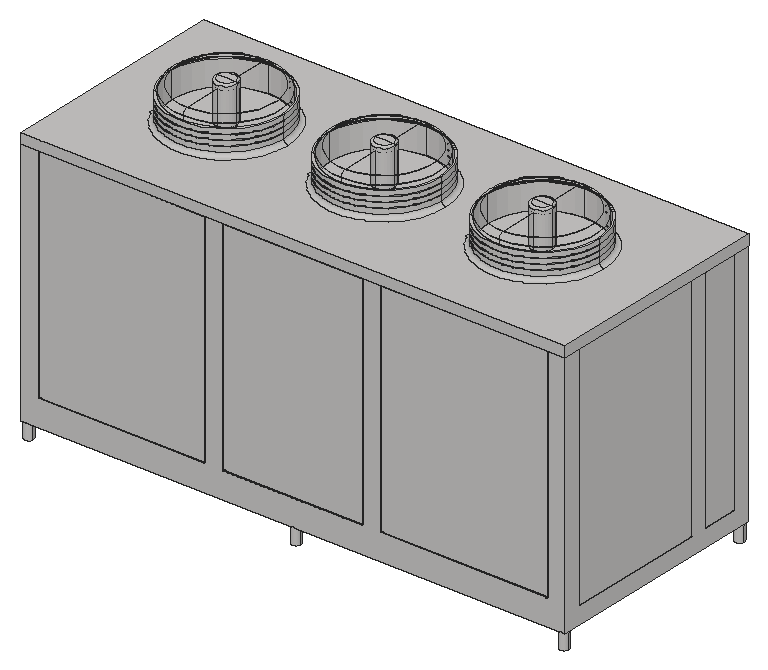
Revit family "QF_NuovAIR_CU-N500T3----", category Specialty Equipment, Revit 2019
Family settings
  Round Connector Dimension = Use Diameter
  Part Type = Normal
  Work Plane-Based = No
  Always vertical = Yes
  Cut with Voids When Loaded = No
  Shared = No
  Room Calculation Point = No
Parameters (values of type "CU-N500T3_400V 50A")
  Weight = 1133.00 kg
  Volts = 400 V
  Volt Free Conn = no
  URL Manufacturer = "https://www.nuovair.com/"
  URL Cutsheet = "N500T3-en-1.pdf"
  URL = ""
  Show Logo [instance] = yes
  Show Clearance [instance] = no
  Refrigeration Suction Line Size = 54 mm
  Refrigeration Liquid Line Size = 22 mm
  Refrigeration Energy Efficiency Index = ""
  Refrigeration Climate Class = ""
  Refrigerant Type = "R452a"
  Refrigerant Compressor Remote = no
  Potential Equalisation = yes
  Phase = 3
  Number of Poles = 3
  Model = "CU-N500T3"
  Mat_Legs = QF_Stainless-Brushed
  Mat_Clearance = QF_Clearance
  Mat_Case = QF_Stainless-Brushed
  Masterspec = ""
  Manufacturer = "NUOVAIR"
  Main switch integrated = no
  Length Actual = 3100 mm  # constant formula
  Legs_R = 25 mm  # constant formula
  Keynote = "0"
  Item Number = "CU-N500T3"
  Identify Quantity as Lot = no
  Horse Power = "30"
  Height Actual = 1780 mm  # constant formula
  Foodservice Equipment Identifier = yes
  Energy Efficiency Labelling = ""
  FL Amps = 62 A
  Electric power = 31000000 W
  Elec Connection Height = 400 mm
  Ele_Note = ""
  Direct Waste Size = 0 mm
  Direct Waste Connection Height = 0 mm
  Description = "Condensing Unit"
  Description_FR = ""
  Description_ES = ""
  Description_EN = ""
  Description_DE = ""
  Depth Actual = 1300 mm  # constant formula
  Cycle = 50 Hz
  Conn Plug = "terminal block"
  CE Approved = yes
  Author = ""
  Accessory = no
Types (3, lengths in mm): name | Volts | FL Amps | Cycle
  CU-N500T3_400V 50A | 400 V | 62 A | 50 Hz
  CU-N500T3_440V 60A | 440 V | 67.5 A | 60 Hz
  CU-N500T3_230V 60A | 230 V | 129 A | 60 Hz
Reference planes
  plane 1 "Center (Front/Back)": y = 0
  plane 2: z = 0
  plane 3 "Center (Left/Right)": x = 0
  plane 4 "SX": x = -1550
  plane 5 "DX": x = 1550
  plane 6: y = -1300
  plane 7: y = -2100
  plane 8 "top": z = 1780
  plane 9: y = 800
  plane 10: x = 2050
  plane 11: x = -2050
  plane 12 "Base": z = 90
  plane 13: z = 1500
  plane 14: x = -1525
  plane 15: x = 1525
  plane 16: y = -25
  plane 17: y = -1275
  plane 18: z = 1560
  plane 19: z = 190
  plane 20: y = -100
  plane 21: y = -1200
  plane 22: x = -1450
  plane 23: x = -500
  plane 24: x = 500
  plane 25: x = 1450
  plane 26: z = 240
  plane 27: x = -400
  plane 28: x = 400
  plane 29: y = -300
  plane 30: y = -400
  plane 31 "Ventilator_X_01": x = -900
  plane 32 "Ventilator_X_02": x = 900
  plane 33 "Ventilator_Y": y = -650
Forms (mm)
  Extrusion 1, solid, material "QF_Clearance" <- "Mat_Clearance", visible <- "Show Clearance"
    sketch origin (0, 0, 0) x (1, 0, 0) y (0, 1, 0)
      loop
        line (-1550, 800) -> (-1550, -2100) -> (1550, -2100) -> (1550, 800) -> (-1550, 800)
    from 0 to 1780
  Extrusion 2, solid, material "QF_Clearance" <- "Mat_Clearance", visible <- "Show Clearance"
    sketch origin (0, 0, 0) x (1, 0, 0) y (0, 1, 0)
      loop
        line (-1550, 0) -> (-1550, -1300) -> (1550, -1300) -> (1550, 0) -> (-1550, 0)
    from 0 to 1780
  Extrusion 3, solid, material "QF_Stainless-Brushed" <- "Mat_Case", detail levels medium+fine
    sketch origin (0, 0, 90) x (-1, 0, 0) y (0, -1, 0)
      loop
        line (1550, 0) -> (1550, 1300) -> (-1550, 1300) -> (-1550, 0) -> (1550, 0)
    from 0 to 1410
  Extrusion 4, solid, material "QF_Clearance", visible <- "Show Clearance"
    sketch origin (0, 0, 0) x (1, 0, 0) y (0, 1, 0)
      loop
        line (-2050, -1300) -> (2050, -1300) -> (2050, 0) -> (-2050, 0) -> (-2050, -1300)
    from 0 to 1780
  Extrusion 5, solid, material "QF_Stainless-Brushed" <- "Mat_Legs", detail levels medium+fine
    sketch origin (0, 0, 0) x (1, 0, 0) y (0, 1, 0)
      loop
        circle (-1525, -25) r 25
      loop
        circle (1525, -25) r 25
      loop
        circle (-1525, -1275) r 25
      loop
        circle (1525, -1275) r 25
      loop
        circle (0, -1275) r 25
      loop
        circle (0, -25) r 25
    from 0 to 90
  Extrusion 6, solid, material "QF_Stainless-Brushed", detail levels medium+fine
    sketch origin (-1430.553, -1524, 1500) x (-1, 0, 0) y (0, -1, 0)
      loop
        line (121.447, -1526) -> (121.447, -222) -> (-2982.553, -222) -> (-2982.553, -1526) -> (121.447, -1526)
    from 0 to 60
  Sweep 7, void
    path origin (-909.885, -1300, 4000) x (-1, 0, 0) y (0, 0, 1)
      loop
        line (540.115, -2500) -> (540.115, -3760) -> (-409.885, -3760) -> (-409.885, -2500)
    profile "PRF_scalpel : PRF_scalpel" origin (-1450, -1300, 870) x (-1, 0, 0) y (0, 1, 0)
      loop
        line (0, 1) -> (-2, -1) -> (-2, -51) -> (2, -51) -> (2, -1) -> (0, 1)
  Sweep 8, void
    path origin (950.115, -1300, 4000) x (-1, 0, 0) y (0, 0, 1)
      loop
        line (-499.885, -2500) -> (-499.885, -3760) -> (450.115, -3760) -> (450.115, -2500)
    profile "PRF_scalpel : PRF_scalpel" origin (1450, -1300, 870) x (-1, 0, 0) y (0, 1, 0)
      loop
        line (0, 1) -> (-2, -1) -> (-2, -51) -> (2, -51) -> (2, -1) -> (0, 1)
  Sweep 9, void
    path origin (0, 0, 0) x (1, 0, 0) y (0, 0, 1)
      loop
        line (1450, 1500) -> (1450, 240) -> (500, 240) -> (500, 1500)
    profile "PRF_scalpel : PRF_scalpel" origin (1450, 0, 870) x (1, 0, 0) y (0, -1, 0)
      loop
        line (0, 1) -> (-2, -1) -> (-2, -51) -> (2, -51) -> (2, -1) -> (0, 1)
  Sweep 10, void
    path origin (-700, 0, 0) x (1, 0, 0) y (0, 0, 1)
      loop
        line (1100, 1500) -> (1100, 240) -> (300, 240) -> (300, 1500)
    profile "PRF_scalpel : PRF_scalpel" origin (-400, 0, 870) x (1, 0, 0) y (0, -1, 0)
      loop
        line (0, 1) -> (-2, -1) -> (-2, -51) -> (2, -51) -> (2, -1) -> (0, 1)
  Sweep 11, void
    path origin (-1860, 0, 0) x (1, 0, 0) y (0, 0, 1)
      loop
        line (410, 1500) -> (410, 240) -> (1360, 240) -> (1360, 1500)
    profile "PRF_scalpel : PRF_scalpel" origin (-1450, 0, 870) x (1, 0, 0) y (0, -1, 0)
      loop
        line (0, 1) -> (-2, -1) -> (-2, -51) -> (2, -51) -> (2, -1) -> (0, 1)
  Sweep 12, void
    path origin (-1550, 180.447, 4000) x (0, 1, 0) y (0, 0, 1)
      loop
        line (-280.447, -2500) -> (-280.447, -3810) -> (-480.447, -3810) -> (-480.447, -2500)
    profile "PRF_scalpel : PRF_scalpel" origin (-1550, -100, 845) x (0, 1, 0) y (1, 0, 0)
      loop
        line (0, 1) -> (-2, -1) -> (-2, -51) -> (2, -51) -> (2, -1) -> (0, 1)
  Sweep 13, void
    path origin (-1550, -279.553, 4000) x (0, 1, 0) y (0, 0, 1)
      loop
        line (-920.447, -2500) -> (-920.447, -3810) -> (-120.447, -3810) -> (-120.447, -2500)
    profile "PRF_scalpel : PRF_scalpel" origin (-1550, -1200, 845) x (0, 1, 0) y (1, 0, 0)
      loop
        line (0, 1) -> (-2, -1) -> (-2, -51) -> (2, -51) -> (2, -1) -> (0, 1)
  Sweep 14, void
    path origin (1550, 180.447, 4000) x (0, 1, 0) y (0, 0, 1)
      loop
        line (-1380.447, -2500) -> (-1380.447, -3810) -> (-580.447, -3810) -> (-580.447, -2500)
    profile "PRF_scalpel : PRF_scalpel" origin (1550, -1200, 845) x (0, 1, 0) y (1, 0, 0)
      loop
        line (0, -1) -> (2, 1) -> (2, 51) -> (-2, 51) -> (-2, 1) -> (0, -1)
  Sweep 15, void
    path origin (1550, 640.447, 4000) x (0, 1, 0) y (0, 0, 1)
      loop
        line (-740.447, -2500) -> (-740.447, -3810) -> (-940.447, -3810) -> (-940.447, -2500)
    profile "PRF_scalpel : PRF_scalpel" origin (1550, -300, 845) x (0, 1, 0) y (1, 0, 0)
      loop
        line (0, -1) -> (2, 1) -> (2, 51) -> (-2, 51) -> (-2, 1) -> (0, -1)
  Sweep 16, void
    path origin (-909.885, -1300, 4000) x (-1, 0, 0) y (0, 0, 1)
      loop
        line (-509.885, -2500) -> (-509.885, -3760) -> (-1309.885, -3760) -> (-1309.885, -2500)
    profile "PRF_scalpel : PRF_scalpel" origin (-400, -1300, 870) x (-1, 0, 0) y (0, 1, 0)
      loop
        line (0, 1) -> (-2, -1) -> (-2, -51) -> (2, -51) -> (2, -1) -> (0, 1)
Cuts and joins
  joined: Extrusion 1, Extrusion 2
  Sweep 7, Sweep 8, Sweep 9, Sweep 10, Sweep 11, Sweep 12, Sweep 13, Sweep 14, Sweep 15, Sweep 16 cuts Extrusion 3
Lines and regions (mm)
  model lines, style "InvisibleLines"
    curve 1: line (-50, 0, 0) -> (50, 0, 0)
    curve 2: line (0, 50, 0) -> (0, -50, 0)
  model lines, style "QF_Case", detail levels coarse
    curve 3: line (-1550, 0, 0) -> (1550, 0, 0)
    curve 4: line (-1550, -1300, 0) -> (-1550, 0, 0)
    curve 5: line (1550, -1300, 0) -> (-1550, -1300, 0)
    curve 6: line (1550, 0, 0) -> (1550, -1300, 0)
    curve 7: line (1550, -1300, 1780) -> (1550, -1300, 0)
    curve 8: line (1550, 0, 1780) -> (1550, 0, 0)
    curve 9: line (-1550, -1300, 1780) -> (-1550, -1300, 0)
    curve 10: line (-1550, 0, 1780) -> (-1550, 0, 0)
    curve 11: line (-1550, 0, 1780) -> (1550, 0, 1780)
    curve 12: line (-1550, -1300, 1780) -> (-1550, 0, 1780)
    curve 13: line (1550, -1300, 1780) -> (-1550, -1300, 1780)
    curve 14: line (1550, 0, 1780) -> (1550, -1300, 1780)
Dimensions and locks
  curve 1 to plane 3 "Center (Left/Right)" to curve 1 = 50 mm locked, 50 mm locked
  curve 2 to plane 1 "Center (Front/Back)" to curve 2 = 50 mm locked, 50 mm locked
  "Height Actual": plane 8 "top" to level
  "Depth Actual": plane 6 to plane 1 "Center (Front/Back)"
  equal spacing: plane 4 "SX", plane 3 "Center (Left/Right)", plane 5 "DX"
  "Length Actual": plane 4 "SX" to plane 5 "DX"
  plane 6 to plane 1 "Center (Front/Back)" = 1300 mm
  locked: plane 1 "Center (Front/Back)" to plane 9 at 800
  locked: plane 6 to plane 7 at 800
  locked: plane 5 "DX" to plane 10 at 500
  locked: plane 11 to plane 4 "SX" at 500
  locked: plane 12 "Base" to Extrusion 4 at 90
  locked: plane 4 "SX" to plane 14 at 25
  locked: plane 15 to plane 5 "DX" at 25
  locked: plane 16 to plane 1 "Center (Front/Back)" at 25
  locked: Extrusion 6 sketch curve to plane 4 "SX" at 2
  locked: plane 5 "DX" to Extrusion 6 sketch curve at 2
  locked: plane 1 "Center (Front/Back)" to Extrusion 6 sketch curve at 2
  locked: plane 17 to plane 6 at 25
  locked: plane 6 to Extrusion 6 sketch curve at 2
  locked: plane 19 to plane 12 "Base" at 100
  locked: plane 20 to plane 1 "Center (Front/Back)" at 100
  locked: plane 21 to plane 6 at 100
  locked: plane 4 "SX" to plane 22 at 100
  locked: plane 4 "SX" to plane 23 at 1050
  locked: plane 25 to plane 5 "DX" at 100
  locked: plane 24 to plane 5 "DX" at 1050
  locked: plane 26 to plane 19 at 50
  locked: plane 13 to plane 12 "Base" at 1410
  locked: plane 18 to plane 13 at 60
  locked: plane 8 "top" to plane 18 at 220
  locked: plane 4 "SX" to plane 27 at 1150
  locked: plane 28 to plane 5 "DX" at 1150
  locked: plane 20 to plane 29 at 200
  locked: plane 29 to plane 30 at 100
  locked: plane 31 "Ventilator_X_01" to plane 3 "Center (Left/Right)" at 900
  locked: plane 3 "Center (Left/Right)" to plane 32 "Ventilator_X_02" at 900
  equal spacing: plane 6, plane 33 "Ventilator_Y", plane 1 "Center (Front/Back)", locked at 650 each
  "Legs_R": radius of Extrusion 5 sketch curve  (x6)
  aligned and locked: level to plane 2
  aligned and locked: Extrusion 1 sketch curve to plane 4 "SX"
  aligned and locked: plane 7 to Extrusion 1 sketch curve
  aligned and locked: Extrusion 1 sketch curve to plane 5 "DX"
  aligned and locked: plane 8 "top" to Extrusion 1
  aligned and locked: curve 3 to plane 1 "Center (Front/Back)"
  aligned and locked: curve 5 to plane 6
  aligned and locked: curve 6 to plane 5 "DX"
  aligned and locked: plane 4 "SX" to curve 4
  aligned and locked: plane 8 "top" to curve 8
  aligned and locked: plane 8 "top" to curve 7
  aligned and locked: plane 8 "top" to curve 10
  aligned and locked: plane 8 "top" to curve 9
  aligned and locked: level to curve 8
  aligned and locked: level to curve 7
  aligned and locked: level to curve 10
  aligned and locked: level to curve 9
  aligned and locked: curve 8 to plane 1 "Center (Front/Back)"
  aligned and locked: curve 10 to plane 1 "Center (Front/Back)"
  aligned and locked: plane 6 to curve 7
  aligned and locked: plane 6 to curve 9
  aligned and locked: Extrusion 2 sketch curve to plane 1 "Center (Front/Back)"
  aligned and locked: Extrusion 2 sketch curve to plane 6
  aligned and locked: plane 8 "top" to Extrusion 2
  aligned and locked: curve 11 to plane 1 "Center (Front/Back)"
  aligned and locked: curve 13 to plane 6
  aligned and locked: Extrusion 3 sketch curve to plane 1 "Center (Front/Back)"
  aligned and locked: Extrusion 3 sketch curve to plane 5 "DX"
  aligned and locked: plane 4 "SX" to Extrusion 3 sketch curve
  aligned and locked: Extrusion 1 sketch curve to plane 9
  aligned and locked: Extrusion 4 sketch curve to plane 11
  aligned and locked: plane 10 to Extrusion 4 sketch curve
  aligned and locked: Extrusion 4 sketch curve to plane 6
  aligned and locked: Extrusion 4 sketch curve to plane 1 "Center (Front/Back)"
  aligned and locked: Extrusion 4 to plane 8 "top"
  aligned and locked: Extrusion 4 to level
  aligned and locked: Extrusion 3 to plane 12 "Base"
  aligned and locked: plane 13 to Extrusion 3
  aligned and locked: plane 14 to Extrusion 5 sketch curve  (x2)
  aligned and locked: plane 15 to Extrusion 5 sketch curve  (x2)
  aligned and locked: plane 17 to Extrusion 5 sketch curve  (x3)
  aligned and locked: plane 16 to Extrusion 5 sketch curve  (x3)
  aligned and locked: Extrusion 5 to level
  aligned and locked: Extrusion 6 to plane 13
  aligned and locked: Extrusion 3 sketch curve to plane 6
  aligned and locked: plane 18 to Extrusion 6
  aligned and locked: plane 13 to Sweep 7 sketch curve  (x2)
  aligned and locked: Sweep 7 sketch curve to plane 22
  aligned and locked: plane 13 to Sweep 8 sketch curve  (x2)
  aligned and locked: Sweep 8 sketch curve to plane 25
  aligned and locked: plane 13 to Sweep 9 sketch curve  (x2)
  aligned and locked: plane 25 to Sweep 9 sketch curve
  aligned and locked: plane 13 to Sweep 10 sketch curve  (x2)
  aligned and locked: plane 13 to Sweep 11 sketch curve  (x2)
  aligned and locked: plane 22 to Sweep 11 sketch curve
  aligned and locked: plane 13 to Sweep 12 sketch curve  (x2)
  aligned and locked: plane 19 to Sweep 12 sketch curve  (x2)
  aligned and locked: plane 20 to Sweep 12 sketch curve
  aligned and locked: plane 13 to Sweep 13 sketch curve  (x2)
  aligned and locked: plane 19 to Sweep 13 sketch curve
  aligned and locked: plane 21 to Sweep 13 sketch curve
  aligned and locked: plane 13 to Sweep 14 sketch curve  (x2)
  aligned and locked: plane 19 to Sweep 14 sketch curve
  aligned and locked: Sweep 14 sketch curve to plane 21
  aligned and locked: plane 13 to Sweep 15 sketch curve  (x2)
  aligned and locked: plane 19 to Sweep 15 sketch curve
  aligned and locked: Sweep 15 sketch curve to plane 20
  aligned and locked: plane 12 "Base" to Extrusion 5
  aligned and locked: plane 26 to Sweep 7 sketch curve
  aligned and locked: plane 23 to Sweep 7 sketch curve
  aligned and locked: Sweep 8 sketch curve to plane 24
  aligned and locked: Sweep 8 sketch curve to plane 26
  aligned and locked: plane 28 to Sweep 10 sketch curve
  aligned and locked: plane 26 to Sweep 10 sketch curve
  aligned and locked: plane 27 to Sweep 10 sketch curve
  aligned and locked: plane 24 to Sweep 9 sketch curve
  aligned and locked: plane 26 to Sweep 9 sketch curve
  aligned and locked: plane 23 to Sweep 11 sketch curve
  aligned and locked: Sweep 11 sketch curve to plane 26
  aligned and locked: plane 30 to Sweep 14 sketch curve
  aligned and locked: Sweep 14 sketch curve to plane 19
  aligned and locked: Sweep 15 sketch curve to plane 29
  aligned and locked: Sweep 15 sketch curve to plane 19
  aligned and locked: plane 29 to Sweep 12 sketch curve
  aligned and locked: plane 30 to Sweep 13 sketch curve
  aligned and locked: Sweep 13 sketch curve to plane 19
  aligned and locked: plane 5 "DX" to nested 2
  aligned and locked: plane 5 "DX" to nested 1
  aligned and locked: plane 1 "Center (Front/Back)" to nested 1
  aligned and locked: plane 1 "Center (Front/Back)" to nested 2
  aligned and locked: nested 3 to plane 1 "Center (Front/Back)"
  aligned and locked: nested 3 to plane 4 "SX"
  aligned and locked: plane 3 "Center (Left/Right)" to Extrusion 5 sketch curve  (x2)
  aligned and locked: nested 4 to plane 31 "Ventilator_X_01"
  aligned and locked: nested 5 to plane 3 "Center (Left/Right)"
  aligned and locked: nested 6 to plane 32 "Ventilator_X_02"
  aligned and locked: plane 33 "Ventilator_Y" to nested 6
  aligned and locked: plane 33 "Ventilator_Y" to nested 4
  aligned and locked: plane 33 "Ventilator_Y" to nested 5
  aligned and locked: plane 13 to Sweep 16 sketch curve  (x2)
  aligned and locked: Sweep 16 sketch curve to plane 26
  aligned and locked: Sweep 16 sketch curve to plane 27
  aligned and locked: plane 28 to Sweep 16 sketch curve
Automatic sketch dimensions
  curve 2 to plane 3 "Center (Left/Right)" = 0 mm
  plane 1 "Center (Front/Back)" to curve 1 = 0 mm
  curve 11 to plane 5 "DX" = 0 mm
  curve 13 to plane 4 "SX" = 0 mm
  Extrusion 2 sketch curve to plane 4 "SX" = 0 mm
  Extrusion 2 sketch curve to plane 5 "DX" = 0 mm
Nested families
  nested 1: "Connection_DxSx" at (1550, 0, 1000), type "KTM", not visible
    with Width_DX 0 mm, Width Offset 0 mm, Depth Offset 350 mm, DX no
  nested 2: "Connection_DxSx" at (1550, 0, 270), type "KTM", not visible
    with Width_DX 0 mm, Width Offset 0 mm, Depth Offset 350 mm, DX no
  nested 3: "Connection_DxSx" at (-1550, 0, 400) x (0, -1, 0) z (0, 0, 1), built-in parameter 1001364 <- "Elec Connection Height", type "KTM", not visible
    with Width_DX 120 mm, Width Offset 60 mm, Depth Offset 0 mm, DX yes
  nested 4: "Ventilator_B" at (-900, -650, 1560) x (-1, 0, 0) z (0, 0, 1), Mat_A <- "Mat_Case", Mat_B <- "Mat_Case", type "Ventilator_B", detail levels medium+fine
    with Mat_C QF_Cross20x20, Mat_B QF_Stainless-Brushed, Mat_A QF_Stainless-Brushed
  nested 5: "Ventilator_B" at (0, -650, 1560) x (-1, 0, 0) z (0, 0, 1), Mat_A <- "Mat_Case", Mat_B <- "Mat_Case", type "Ventilator_B", detail levels medium+fine
    with Mat_C QF_Cross20x20, Mat_B QF_Stainless-Brushed, Mat_A QF_Stainless-Brushed
  nested 6: "Ventilator_B" at (900, -650, 1560) x (-1, 0, 0) z (0, 0, 1), Mat_A <- "Mat_Case", Mat_B <- "Mat_Case", type "Ventilator_B", detail levels medium+fine
    with Mat_C QF_Cross20x20, Mat_B QF_Stainless-Brushed, Mat_A QF_Stainless-Brushed
Connectors
  piping at (1550.5, -350, 1000), diameter 54, driven by "Refrigeration Suction Line Size"
    settings: on nested 1, index 3, connector inside diameter 609.6 mm, connector length 0 mm, flow factor 0, pipe flow 0.0 L/s, pressure drop 0.0 Pa, fitting loss kfactor 0, connector angle 0.00°, fixture units 0, engagement length 0 mm, angle of deflection 0.00°, flow configuration 0, flow direction 1, fitting loss method 0, system type 22, joint type 0, gender type 0, connector reference index -1, connector utility 0, adjustable connector no, is connector primary yes, connector description "Suction Line"
  piping at (1550.5, -350, 270), diameter 22, driven by "Refrigeration Liquid Line Size"
    settings: on nested 2, index 4, connector inside diameter 609.6 mm, connector length 0 mm, flow factor 0, pipe flow 0.0 L/s, pressure drop 0.0 Pa, fitting loss kfactor 0, connector angle 0.00°, fixture units 0, engagement length 0 mm, angle of deflection 0.00°, flow configuration 0, flow direction 2, fitting loss method 0, system type 22, joint type 0, gender type 0, connector reference index -1, connector utility 0, adjustable connector no, is connector primary no, connector description "Liquid Line"
  electrical at (-1550.5, -60, 400), driven by "Number of Poles", driven by "Volts", driven by "Electric power", driven by "Ele_Note"
    settings: on nested 3, index 6, voltage 400 V, apparent load 31000000 VA, apparent load phase1 0 VA, apparent load phase2 0 VA, apparent load phase3 0 VA, power factor 1, load classification "Power", number of poles 3, system type 30, power factor state 1, is connector primary yes, connector utility no, sub classification motor no, connector description ""
Definition of nested family "Connection_DxSx"
  Parameters (values of type "KTM")
    Width_DX [instance] = if(DX, Width Offset * 2, 0 mm)  # 120 mm
    Width Offset [instance] = 60 mm
    Manufacturer = "Gjiom by www.RevitLandia.com"  # constant formula
    Depth Offset [instance] = 50 mm
    Default Elevation = 0 mm
    DX [instance] = yes
  Reference planes
    plane 1 "Center (Front/Back)": y = 0
    plane 2: z = 0
    plane 3 "Center (Left/Right)": x = 0
    plane 4 "Depth Offset": y = -50
    plane 5: x = 60
    plane 6: x = -60
  Forms (mm)
    Extrusion 1, solid
      sketch origin (0, 0, 0) x (1, 0, 0) y (0, 1, 0)
        loop
          circle (60, -50) r 15
      from -0.5 to 0.5
    Extrusion 2, solid
      sketch origin (0, -50, 0) x (-1, 0, 0) y (0, 0, 1)
        loop
          circle (-60, 0) r 15
      from -0.5 to 0.5
    Extrusion 3, solid
      sketch origin (60, 93.537, 4000) x (0, 1, 0) y (0, 0, 1)
        loop
          circle (-143.537, -4000) r 15
      from -0.5 to 0.5
  Lines and regions (mm)
    model lines
      curve 1: line (0, 0, 0) -> (0, -20, 0)
  Dimensions and locks
    "Depth Offset": plane 1 "Center (Front/Back)" to plane 4 "Depth Offset"
    "Width Offset": plane 6 to plane 3 "Center (Left/Right)"
    "Width_DX": plane 6 to plane 5
    aligned and locked: level to plane 2
    aligned and locked: plane 4 "Depth Offset" to Extrusion 1 sketch curve
    aligned and locked: level to Extrusion 2 sketch curve
    aligned and locked: level to Extrusion 3 sketch curve
    aligned and locked: plane 4 "Depth Offset" to Extrusion 3 sketch curve
    aligned and locked: plane 5 to Extrusion 1 sketch curve
    aligned and locked: plane 5 to Extrusion 2 sketch curve
  Automatic sketch dimensions
    curve 1 to plane 3 "Center (Left/Right)" = 0 mm
    plane 1 "Center (Front/Back)" to curve 1 = 0 mm
    plane 1 "Center (Front/Back)" to curve 1 = 20 mm
    radius of Extrusion 1 sketch curve = 15 mm
    radius of Extrusion 2 sketch curve = 15 mm
    radius of Extrusion 3 sketch curve = 15 mm
Definition of nested family "Ventilator_B"
  Parameters (values of type "Ventilator_B")
    Mat_C [instance] = none
    Mat_A [instance] = none
    Default Elevation = 1219.2 mm
    Mat_B [instance] = none
  Reference planes
    plane 1 "Centro (Fronte/Retro)": y = 0
    plane 2: z = 0
    plane 3 "Centro (Sinistra/Destra)": x = 0
    plane 4: z = 145
    plane 5: z = 190
    plane 6: z = 220
    plane 7: z = 25
    plane 8: z = 55
    plane 9: z = 85
    plane 10: z = 115
    plane 11: z = 56
    plane 12: z = 86
    plane 13: z = 116
    plane 14: z = 54
    plane 15: z = 84
    plane 16: z = 114
  Forms (mm)
    Revolve 1, solid, material <- "Mat_B"
      sketch origin (0, 0, 0) x (1, 0, 0) y (0, 0, 1)
        loop
          arc (-50, 220) -> (-57.071, 217.071) -> (-60, 210) r 10
          line (-60, 210) -> (-60, 0) -> (0, 0) -> (0, 220) -> (-50, 220)
        axis (0, 220) -> (0, 0)
      angle from 0 to 360
    Revolve 2, solid, material <- "Mat_C"
      sketch origin (0, 0, 0) x (0, 1, 0) y (0, 0, 1)
        loop
          arc (-275, 190) -> (-296.213, 181.213) -> (-305, 160) r 30
          line (-305, 160) -> (-305, 0) -> (-60, 0) -> (-60, 190) -> (-275, 190)
        axis (0, 0) -> (0, 190)
      angle from 0 to 360
    Revolve 3, solid, material <- "Mat_A"
      sketch origin (0, 0, 0) x (1, 0, 0) y (0, 0, 1)
        loop
          line (-325, 145) -> (-325, 116) -> (-324, 115) -> (-325, 114) -> (-325, 86) -> (-324, 85) -> (-325, 84) -> (-325, 56) -> (-324, 55) -> (-325, 54) -> (-325, 25)
          arc (-325, 25) -> (-332.322, 7.322) -> (-350, 0) r 25
          line (-350, 0) -> (-315, 0) -> (-315, 145) -> (-325, 145)
        axis (0, 145) -> (0, 0)
      angle from 0 to 360
  Dimensions and locks
    locked: plane 4 to level at 145
    locked: plane 5 to level at 190
    locked: plane 6 to level at 220
    locked: plane 3 "Centro (Sinistra/Destra)" to Revolve 1 sketch curve at 60
    locked: Revolve 2 sketch curve to plane 1 "Centro (Fronte/Retro)" at 60
    locked: plane 7 to level at 25
    locked: plane 3 "Centro (Sinistra/Destra)" to Revolve 3 sketch curve at 315
    locked: plane 3 "Centro (Sinistra/Destra)" to Revolve 3 sketch curve at 325
    locked: plane 3 "Centro (Sinistra/Destra)" to Revolve 3 sketch curve at 350
    Revolve 2 sketch curve to plane 1 "Centro (Fronte/Retro)" = 305 mm
    locked: plane 8 to plane 7 at 30
    locked: plane 9 to plane 8 at 30
    locked: plane 10 to plane 9 at 30
    aligned and locked: level to plane 2
    aligned and locked: Revolve 1 sketch curve to plane 3 "Centro (Sinistra/Destra)"  (x2)
    aligned and locked: Revolve 1 sketch curve to plane 6
    aligned and locked: level to Revolve 1 sketch curve
    aligned and locked: Revolve 2 sketch curve to plane 5
    aligned and locked: plane 2 to Revolve 2 sketch curve
    aligned and locked: Revolve 2 sketch curve to plane 1 "Centro (Fronte/Retro)"
    aligned and locked: Revolve 3 sketch curve to plane 4
    aligned and locked: level to Revolve 3 sketch curve
    aligned and locked: Revolve 3 sketch curve to plane 3 "Centro (Sinistra/Destra)"
    aligned and locked: plane 7 to Revolve 3 sketch curve
